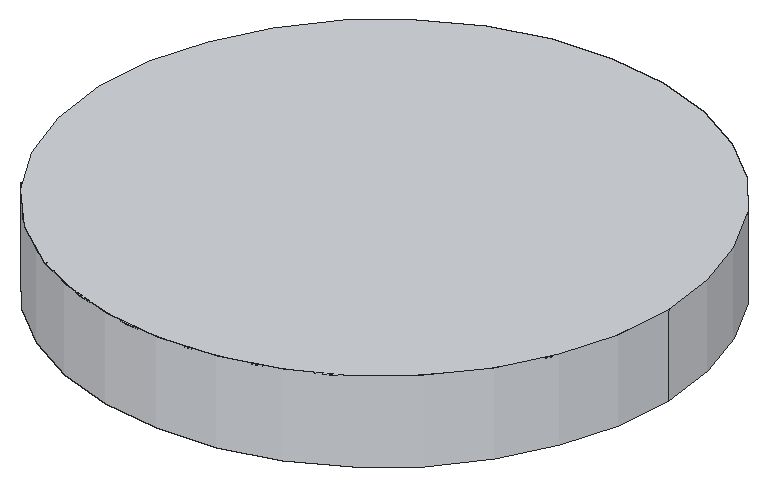
Revit family "SS005730___1CW", category Aparatos sanitarios, Revit 2020
Family settings
  Cota de conector redondo = Diámetro de uso
  Tipo de pieza = Normal
  Número OmniClass = 23.45.00.00
  Título OmniClass = Sanitary, Laundry, and Cleaning Equipment
  Se basa en plano de trabajo = No
  Siempre vertical = No
  Corte con vacíos al cargar = No
  Compartido = No
  Punto de cálculo de habitación = No
Parameters
  _Edesa_Profundidad (cm) = "43,3"
  _Edesa_Ancho (cm) = "43,3"
  _Edesa_Alto (cm) = "13"
  _Edesa_Contacto comercial = "(02) 395 2900"
  _Edesa_Tipo de instalación = "Sobre mueble"
  _Edesa_Tipo = "simple"
  _Edesa_SKU = "SS005730___1CW"
  _BRIGGS_Revisado = "calidad.planos@edesa.com.ec"
  _Edesa_Productos necesarios para la instalación = "Grifería, Desagüe 1 1/4\", Sifón 1 1/4\", Silicón"
  _Edesa_Productos incluidos = "-"
  _Edesa_Nombre = "LAVAMANOS LIVENZA"
  _Edesa_Materiales = "Cerámica Sanitaria"
  _Edesa_Marca = "BRIGGS"
  _Edesa_Manual de instalación = "https://www.briggs.com.ec/productos/instructivos/Briggs/Sanitarios/Fuentes.pdf"
  _Edesa_Garantía = "De por vida en funcionamiento y acabado de la cerámica sanitaria"
  _Edesa_Fiche técnica = "https://www.briggs.com.ec/productos/fichastecnicaspdf/Briggs/Lavamanos/Livenza.pdf"
  _Edesa_Distancia de instalacion = "-"
  _Edesa_Descripcion = "Lavamanos tipo fuente, instalado sobre mueble o mesón. Grifería sobre mueble o a la pared."
  _Edesa_Cumple normativa ADA = "-"
  _Edesa_Consumo de agua = "-"
  _Edesa_Consuma/Capacidad = "8.9 litros"
  _Edesa_Conexión hidráulica = "Entrada de agua: tubería ø 1/2\"\r\nSalida de agua: tubería PVC 50"
  _Edesa_Colores/Acabado = "blanco, bone, cotton"
  _Edesa_Certificación = "Cumple con norma NTE INEN 3082\r\nSalida de agua: tubería PVC 50"
  _Edesa_Categoria = "Productos > Sanitarios > Lavamanos > Fuente"
  _Edesa_Peso (Kg) = "8.0 kg"
  _BRIGGS_Autor BIM = "Ing. Marco López"
  _BRIGGS_ BIM Manager = "http://www1.veraquintana.net/_sitevq/"
  Elevación por defecto = 0 mm
  Diámetro agua fría = 12.7 mm
  Diámetro Sanitario = 50 mm
Reference planes
  plane 1 "Centro (Frontal/Posterior)": y = 0
  plane 2: z = 0
  plane 3 "Centro (Izquierda/Derecha)": x = 0
Forms (mm)
  Extrusion 1, solid
    sketch origin (0, 0, 0) x (1, 0, 0) y (0, 1, 0)
      loop
        circle (0.771, -0.335) r 22.5
    from 4.416 to 10.867
Lines and regions (mm)
  model lines
    curve 1: circle (0.771, -0.335, 0) r 22.5 normal (0, 0, 1)
Dimensions and locks
  aligned and locked: level to plane 2
Connectors
  piping at (0.771, -0.335, 4.416), diameter 50
    settings: on Extrusion 1, index 1, connector inside diameter 609.6 mm, connector length 0 mm, flow factor 0, pipe flow 0.0 L/s, pressure drop 0.0 Pa, fitting loss kfactor 0, connector angle 0.00°, fixture units 0, engagement length 0 mm, angle of deflection 0.00°, flow configuration 0, flow direction 2, fitting loss method 0, system type 16, joint type 0, gender type 0, connector reference index -1, connector utility 0, adjustable connector no, is connector primary yes, connector description ""
